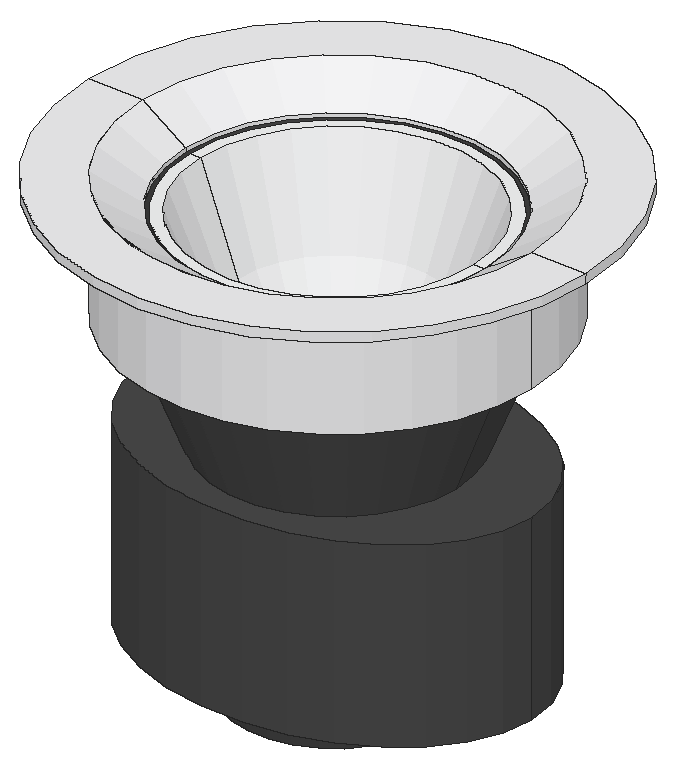
Revit family "2070015", category Lighting Fixtures, host Face, Revit 2018
Family settings
  Host = Face
  Round Connector Dimension = Use Diameter
  Part Type = Normal
  OmniClass Number = 23.80.70.11.17
  OmniClass Title = Specialized Lighting by Location or Use
  Cut with Voids When Loaded = No
  Light Source = Yes
  Shared = No
  Room Calculation Point = No
Parameters (values of type "2070015 EXPOSPOT 70 FIX RA90 3000K NB WHITE")
  Weight = 0.52 kg  # constant formula
  Total Power Consumption = 20.9996 W
  Reflector Material = Aluminum_Sylvania_Expospot_Polished
  Radius = Diameter / 2  # 55.0 mm
  Keynote = "n/a"
  Cooling Small Axis = Radius - 23.0 mm  # 32.0 mm
  Cooling Big Axis = Radius - 12.0 mm  # 43.0 mm
  Product Code = "0060236"
  Photobiological Risk Group = "RG1"  # constant formula
  Nominal Frequency = "50/60Hz"  # constant formula
  Max. Luminaires per 20A C Breaker = "70"  # constant formula
  Max. Luminaires per 20A B Breaker = "42"  # constant formula
  Max. Luminaires per 16A C Breaker = "51"  # constant formula
  Max. Luminaires per 16A B Breaker = "31"  # constant formula
  Max. Luminaires per 13A C Breaker = "41"  # constant formula
  Max. Luminaires per 13A B Breaker = "25"  # constant formula
  Max. Luminaires per 10A C Breaker = "31"  # constant formula
  Max. Luminaires per 10A B Breaker = "19"  # constant formula
  Lamp Power Factor = 0.9  # constant formula
  LOR = "100%"  # constant formula
  Inrush Duration = "139µs"  # constant formula
  Inrush Current = 28 A  # constant formula
  IP Rating = "IP20"  # constant formula
  IK Rating = "IK02"  # constant formula
  Height = 101.0 mm  # constant formula
  Wattage = 20.9996 W
  built-in parameter 1150110 = 1 (stored number, unit not read)
  Voltage Comments = "220-240V~"  # constant formula
  Voltage = 240 V  # constant formula
  URL = "0.9"
  built-in parameter 1114217 = 1 (stored number, unit not read)
  Tilt Angle = -90°  # constant formula
  built-in parameter 1150109 = 1 (stored number, unit not read)
  built-in parameter 1150134 = 12
  built-in parameter 1150113 = 1 (stored number, unit not read)
  Product Page URL = "http://www.sylvania-lighting.com/product/en-int/products/0060236"
  Product Family = "EXPOSPOT 70 FIXED"  # constant formula
  Photometry Comments = ""
  Photometric Web File = "2070015.ies"
  Glow Wire Test = 850 °C  # constant formula
  Emit from Circle Diameter = Diameter - 24.0 mm  # 86.0 mm
  Emit Shape Visible in Rendering = no
  Electrical Protection = "Class II"  # constant formula
  Drive Current = "500mA"  # constant formula
  Dimmable = "N"  # constant formula
  Diffuser Material = Acrylic_Sylvania_Expospot_4000K
  Diameter = 110.0 mm  # constant formula
  Cutout Diameter = Diameter - 10.0 mm  # 100.0 mm
  Created by URL = "http://all1studio.com/"
  Created by = "All 1 Studio Ltd. "  # constant formula
  Control Gear Type = "Electronic"  # constant formula
  Control Gear Required = "No"  # constant formula
  Control Gear Mounting = "Remote"  # constant formula
  Colour Variation Initial = "3SDCM"  # constant formula
  built-in parameter 1114216 [instance] = 1 (stored number, unit not read)
  Model = "EXPOSPOT 70 FIXED RA90 3000K NB WHITE"
  Manufacturer = "Feilo Sylvania"  # constant formula
  built-in parameter 1150105 = 158.2 (stored number, unit not read)
  Lumens = 1988 lm
  built-in parameter 1150115 = 1 (stored number, unit not read)
  built-in parameter 1150137 = (empty or 0)
  built-in parameter 1150139 = (empty or 0)
  built-in parameter 1150112 = 1 (stored number, unit not read)
  built-in parameter 1150114 = 1 (stored number, unit not read)
  Lamp = "LED"  # constant formula
  built-in parameter 1150132 = 2
  built-in parameter 1150102 = (empty or 0)
  built-in parameter 1150107 = 4000 (stored number, unit not read)
  built-in parameter 1150138 = 3000
  built-in parameter 1150106 = 1.582 (stored number, unit not read)
  CRI = "90Ra"
  Body Material = Aluminum_Sylvania_Expospot_White
  built-in parameter 1150104 = 8.795 (stored number, unit not read)
  Dimming Lamp Color Temperature Shift = <None>
  Description = "Specifically designed for Retail and Display applications. I.e. Supermarkets, Fashion Retail, Department stores. Build around a 70mm reflector and lens combination."  # constant formula
  Default Elevation = 0.0 mm
  Color Filter = 16777215
  built-in parameter 1140040 [instance] = 1
  Beam Angle = 52°
  built-in parameter 1114218 = 1 (stored number, unit not read)
  Average Life = "50 000h"  # constant formula
  built-in parameter 1150133 = 10 (stored number, unit not read)
  Assembly Code = "D5020200"
  Apparent Load Comments = ""
  Apparent Load = 21 VA
  Cooling Material = Plastic_Sylvania_Expospot_Black
Reference planes
  plane 1 "Center (Front/Back)": y = 0
  plane 2: z = 0
  plane 3 "Center (Left/Right)": x = -7.423
  plane 4 "Fixture Bottom": z = 2
  plane 5: x = -62.423
  plane 6: x = -50.423
  plane 7: x = -40.923
  plane 8: z = -5
  plane 9: x = -47.923
  plane 10: z = -4.2
  plane 11: x = -39.923
  plane 12: x = -18.423
  plane 13: x = -20.753
  plane 14: z = -46
  plane 15: z = -25
  plane 16: z = -90.5
  plane 17 "Fixture Top": z = -99
  plane 18: z = -50.5
Forms (mm)
  Revolve 1, solid, material "Aluminum_Sylvania_Expospot_White" <- "Body Material", detail levels fine
    sketch origin (0, 0, 0) x (1, 0, 0) y (0, 0, 1)
      loop
        line (-50.423, 2) -> (-62.423, 2) -> (-62.423, 0) -> (-50.423, 0) -> (-50.423, -25) -> (-47.923, -25) -> (-47.923, -5) -> (-40.923, -5) -> (-40.923, -4.2) -> (-50.423, 2)
      axis (-7.423, 2) -> (-7.423, -25)
    angle from 0 to 360
  Revolve 2, solid, material "Aluminum_Sylvania_Expospot_Polished" <- "Reflector Material", detail levels fine
    sketch origin (0, 0, 0) x (1, 0, 0) y (0, 0, 1)
      loop
        arc (-39.923, -5) -> (-31.687, -26.131) -> (-20.753, -46) r 172.616
        line (-20.753, -46) -> (-18.423, -46)
        arc (-18.423, -46) -> (-29.46, -26.173) -> (-37.623, -5) r 162.237
        line (-37.623, -5) -> (-39.923, -5)
      axis (-7.423, -5) -> (-7.423, -46)
    angle from 0 to 360
  Revolve 3, solid, material "Acrylic_Sylvania_Expospot_4000K" <- "Diffuser Material", detail levels fine
    sketch origin (0, 0, 0) x (1, 0, 0) y (0, 0, 1)
      loop
        arc (-7.423, -37.989) -> (-14.227, -40.204) -> (-18.423, -46) r 11.557
        line (-18.423, -46) -> (-17.367, -46)
        arc (-17.367, -46) -> (-13.506, -40.918) -> (-7.423, -38.989) r 10.557
        line (-7.423, -38.989) -> (-7.423, -37.989)
      axis (-7.423, -37.989) -> (-7.423, -46)
    angle from 0 to 360
  Extrusion 4, solid, material "Plastic_Sylvania_Expospot_Black" <- "Cooling Material", detail levels fine
    sketch origin (0, 0, 0) x (1, 0, 0) y (0, 1, 0)
      loop
        spline (35.577, 0) -> (34.112, 8.282) -> (29.816, 16) -> (22.983, 22.627) -> (14.077, 27.713) -> (3.707, 30.91) -> (-7.423, 32) -> (-18.552, 30.91) -> (-28.923, 27.713) -> (-37.828, 22.627) -> (-44.662, 16) -> (-48.958, 8.282) -> (-50.423, 0)
        spline (-50.423, 0) -> (-48.958, -8.282) -> (-44.662, -16) -> (-37.828, -22.627) -> (-28.923, -27.713) -> (-18.552, -30.91) -> (-7.423, -32) -> (3.707, -30.91) -> (14.077, -27.713) -> (22.983, -22.627) -> (29.816, -16) -> (34.112, -8.282) -> (35.577, 0)
    from -90.5 to -50.5
  Revolve 5, solid, material "Plastic_Sylvania_Expospot_Black" <- "Cooling Material", detail levels fine
    sketch origin (0, 0, 0) x (1, 0, 0) y (0, 0, 1)
      loop
        line (-31.337, -90.5) -> (-31.337, -92.433) -> (-29.248, -99) -> (-7.423, -99) -> (-7.423, -90.5) -> (-31.337, -90.5)
      axis (-7.423, -90.5) -> (-7.423, -99)
    angle from 0 to 360
  Extrusion 6, void
    sketch origin (0, 0, 0) x (1, 0, 0) y (0, 1, 0)
      loop
        circle (-7.423, 0) r 50
    from -90.5 to 0
  Revolve 7, solid, material "Aluminum_Sylvania_Expospot_White" <- "Body Material", detail levels coarse+medium
    sketch origin (0, 0, 0) x (1, 0, 0) y (0, 0, 1)
      loop
        line (-62.423, 2) -> (-62.423, 0) -> (-50.423, 0) -> (-50.423, -99) -> (-7.423, -99) -> (-7.423, 2) -> (-62.423, 2)
      axis (-7.423, 2) -> (-7.423, -99)
    angle from 0 to 360
  Revolve 8, solid, material "Plastic_Sylvania_Expospot_Black" <- "Cooling Material", detail levels fine
    sketch origin (0, 0, 0) x (1, 0, 0) y (0, 0, 1)
      loop
        line (-47.923, -5) -> (-47.923, -25) -> (-44.155, -25) -> (-33.852, -50.5) -> (-7.423, -50.5) -> (-7.423, -46) -> (-34.592, -46) -> (-43.48, -24) -> (-46.923, -24) -> (-46.923, -5) -> (-47.923, -5)
      axis (-7.423, -5) -> (-7.423, -50.5)
    angle from 0 to 360
Cuts and joins
  joined: Extrusion 4, Revolve 5
Lines and regions (mm)
  Masking region 1
    outline origin (0, 0, 0) x (1, 0, 0) y (0, 1, 0)
      loop
        circle (-7.423, 0) r 55
  symbolic lines, detail levels fine
    curve 1: arc (-50.423, 0, 0) -> (-7.423, 43, 0) -> (35.577, 0, 0) r 43
    curve 2: arc (35.577, 0, 0) -> (-7.423, -43, 0) -> (-50.423, 0, 0) r 43
    curve 3: arc (3.577, 0, 0) -> (-7.423, -11, 0) -> (-18.423, 0, 0) r 11
    curve 4: arc (-18.423, 0, 0) -> (-7.423, 11, 0) -> (3.577, 0, 0) r 11
Dimensions and locks
  "Radius": plane 3 "Center (Left/Right)" to plane 5
  Revolve 3 sketch curve to Revolve 3 sketch curve to plane 14 = 1.0 mm locked, 7.011 mm locked
  "Cooling Small Axis": plane 1 "Center (Front/Back)" to Extrusion 4 sketch curve
  "Cooling Big Axis": Extrusion 4 sketch curve to plane 3 "Center (Left/Right)"
  "Height": plane 4 "Fixture Bottom" to plane 17 "Fixture Top"
  locked: plane 16 to plane 17 "Fixture Top" at 8.5
  plane 12 to plane 13 to plane 11 to plane 7 to plane 9 to plane 6 to plane 5 = 2.33 mm locked, 19.17 mm locked, 1.0 mm locked, 7.0 mm locked, 2.5 mm locked, 12.0 mm locked
  locked: Revolve 2 sketch curve to plane 11 at 2.3
  plane 4 "Fixture Bottom" to plane 10 to plane 8 to plane 15 to plane 14 to plane 18 = 6.2 mm locked, 0.8 mm locked, 20.0 mm locked, 21.0 mm locked, 4.5 mm locked
  "Cutout Diameter": diameter of Extrusion 6 sketch curve
  aligned and locked: host face to plane 2
  aligned and locked: host face to level
  aligned and locked: plane 1 "Center (Front/Back)" to imposter light
  aligned and locked: plane 3 "Center (Left/Right)" to imposter light
  aligned and locked: Revolve 1 sketch curve to plane 5
  aligned and locked: Revolve 1 sketch curve to plane 6
  aligned and locked: plane 9 to Revolve 1 sketch curve
  aligned and locked: plane 7 to Revolve 1 sketch curve
  aligned and locked: plane 10 to Revolve 1 sketch curve
  aligned and locked: plane 6 to Revolve 1 sketch curve
  aligned and locked: plane 8 to Revolve 1 sketch curve
  aligned and locked: Revolve 1 sketch curve to plane 2
  aligned and locked: plane 4 "Fixture Bottom" to Revolve 1 sketch curve
  aligned and locked: plane 15 to Revolve 1 sketch curve
  aligned and locked: plane 16 to Extrusion 4
  aligned and locked: plane 16 to Extrusion 6
  aligned and locked: plane 2 to Extrusion 6
  aligned and locked: Revolve 7 sketch curve to plane 6
  aligned and locked: plane 17 "Fixture Top" to Revolve 7 sketch curve
  aligned and locked: Revolve 7 sketch curve to plane 2
  aligned and locked: plane 4 "Fixture Bottom" to Revolve 7 sketch curve
  aligned and locked: Revolve 7 sketch curve to plane 5
  aligned and locked: plane 3 "Center (Left/Right)" to Revolve 7 sketch curve
  aligned and locked: curve 1 to Revolve 1
  aligned and locked: curve 2 to Revolve 1
  aligned and locked: curve 3 to Revolve 3
  aligned and locked: curve 4 to Revolve 3
  aligned and locked: imposter light to plane 4 "Fixture Bottom"
  aligned and locked: cut or joined group of Extrusion 4, Revolve 5 to plane 18
  aligned and locked: plane 14 to Revolve 8 sketch curve
Automatic sketch dimensions
  host sketch curve to host sketch curve = 1506.034 mm
  host sketch curve to host sketch curve = 1442.359 mm
  Revolve 1 sketch curve to plane 3 "Center (Left/Right)" = 0.0 mm
  Revolve 1 sketch curve to Revolve 1 sketch curve = 23.246 mm
  plane 4 "Fixture Bottom" to Revolve 1 sketch curve = 11.292 mm
  Revolve 3 sketch curve to Revolve 3 sketch curve = 0.0 mm
  Revolve 3 sketch curve to plane 12 = 0.0 mm
  Revolve 3 sketch curve to plane 14 = 0.0 mm
  Revolve 3 sketch curve to plane 3 "Center (Left/Right)" = 0.0 mm  (x2)
  Revolve 3 sketch curve to plane 14 = 1.818 mm
  plane 8 to Revolve 3 sketch curve = 3.0 mm
  Revolve 5 sketch curve to plane 16 = 0.0 mm
  Revolve 5 sketch curve to plane 17 "Fixture Top" = 0.0 mm
  Revolve 5 sketch curve to plane 3 "Center (Left/Right)" = 0.0 mm  (x2)
  plane 16 to Revolve 5 sketch curve = 1.933 mm
  plane 17 "Fixture Top" to Revolve 5 sketch curve = 271.274 mm
  plane 4 "Fixture Bottom" to Revolve 5 sketch curve = 1145.706 mm
  plane 1 "Center (Front/Back)" to Extrusion 4 sketch curve = 0.0 mm
  Extrusion 4 sketch curve to plane 3 "Center (Left/Right)" = 0.0 mm
  plane 1 "Center (Front/Back)" to Extrusion 6 sketch curve = 0.0 mm
  Extrusion 6 sketch curve to plane 3 "Center (Left/Right)" = 0.0 mm
  Revolve 7 sketch curve to plane 3 "Center (Left/Right)" = 0.0 mm
  plane 17 "Fixture Top" to Revolve 7 sketch curve = 24.097 mm
  Revolve 7 sketch curve to Revolve 7 sketch curve = 45.0 mm
  Masking region 1 sketch curve to Masking region 1 sketch curve = 0.0 mm  (x2)
  plane 1 "Center (Front/Back)" to Masking region 1 sketch curve = 0.0 mm
  Masking region 1 sketch curve to plane 5 = 0.0 mm
  Masking region 1 sketch curve to plane 3 "Center (Left/Right)" = 0.0 mm
  Revolve 2 sketch curve to plane 8 = 0.0 mm
  Revolve 2 sketch curve to plane 11 = 0.0 mm
  Revolve 2 sketch curve to plane 13 = 0.0 mm
  Revolve 2 sketch curve to plane 12 = 0.0 mm
  plane 3 "Center (Left/Right)" to Revolve 2 sketch curve = 0.0 mm
  Revolve 2 sketch curve to plane 14 = 0.0 mm
  plane 4 "Fixture Bottom" to Revolve 2 sketch curve = 40.631 mm
  Revolve 2 sketch curve to Revolve 2 sketch curve = 7.216 mm
  plane 17 "Fixture Top" to Revolve 2 sketch curve = 294.274 mm
  Revolve 2 sketch curve to Revolve 2 sketch curve = 1100.726 mm
  plane 11 to Revolve 5 sketch curve = 10.675 mm
  plane 7 to Revolve 5 sketch curve = 9.586 mm
  Revolve 8 sketch curve to plane 9 = 0.0 mm
  Revolve 8 sketch curve to plane 15 = 0.0 mm
  Revolve 8 sketch curve to plane 18 = 0.0 mm
  Revolve 8 sketch curve to plane 3 "Center (Left/Right)" = 0.0 mm  (x2)
  Revolve 8 sketch curve to plane 8 = 0.0 mm
  Revolve 8 sketch curve to plane 7 = 3.232 mm
  Revolve 8 sketch curve to Revolve 8 sketch curve = 0.675 mm
  plane 11 to Revolve 8 sketch curve = 6.071 mm
  Revolve 8 sketch curve to Revolve 8 sketch curve = 0.74 mm
  Revolve 8 sketch curve to plane 15 = 1.0 mm
  Revolve 8 sketch curve to Revolve 8 sketch curve = 1.0 mm
  plane 17 "Fixture Top" to Revolve 8 sketch curve = 273.274 mm
  plane 4 "Fixture Bottom" to Revolve 8 sketch curve = 1145.706 mm
Connectors
  electrical at (-7.423, 0, -99), driven by "Voltage", driven by "Apparent Load", driven by "Lamp Power Factor"
    settings: on cut or joined group of Extrusion 4, Revolve 5, index 1, voltage 240 V, apparent load 0 VA, apparent load phase1 21 VA, apparent load phase2 0 VA, apparent load phase3 0 VA, power factor 0.9, load classification "Lighting", number of poles 1, system type 31, power factor state 1, is connector primary yes, connector utility no, sub classification motor no, connector description ""
